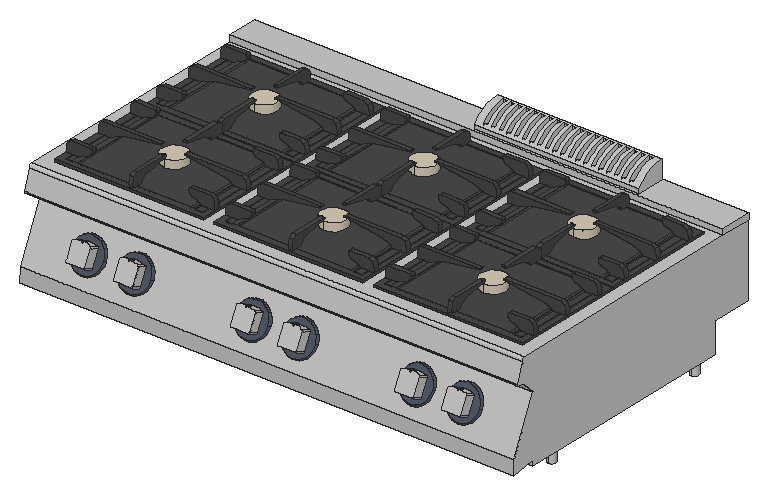
Revit family "QF_ZANUSSI_372150_Z7GCGL6C0A", category Specialty Equipment, Revit 2018
Family settings
  Round Connector Dimension = Use Diameter
  Part Type = Normal
  Work Plane-Based = No
  Always vertical = Yes
  Cut with Voids When Loaded = No
  Shared = No
  Room Calculation Point = No
Parameters (values of type "Standard")
  Weight = 60.00 kg
  Watts = 0 W
  Volts = 0 V
  URL Manufacturer = "http://www.zanussiprofessional.com"
  URL = "http://www.zanussiprofessional.com"
  Steam Supply Size = 0"
  Steam Supply Minimum Pressure = 0.00 psi
  Steam Supply Maximum Pressure = 0.00 psi
  Steam Pounds per Hour = 0
  Show Logo [instance] = yes
  Show Clearance [instance] = yes
  Refrigeration Suction Line Size = 0"
  Refrigeration Liquid Line Size = 0"
  Refrigerant Compressor Remote = yes
  Phase = 0
  Model = "Z7GCGL6C0A"
  Manufacturer = "Zanussi"
  Length Actual = 1200 mm  # constant formula
  Item Number = "372150"
  Hot Water Size = 0"
  Height Actual = 250 mm  # constant formula
  HP = "0 HP"
  Gas Size = 1/2"
  Gas KW = 33
  Gas Input Pressure = 1.10949 Btu/h
  Direct Waste Size = 0"
  Description = "6-BURNER GAS BOILING TOP 1200 MM (AGA)"
  Depth Actual = 700 mm  # constant formula
  Cycle = 0 Hz
  Condensate Return Size = 0"
  Compressed Air Volume = 0 GPM
  Compressed Air Size = 0"
  Compressed Air Pressure = 0.00 psi
  Cold Water Size = 0"
  Assembly Code = ""
  Accessory = yes
Reference planes
  plane 1 "BACK": y = 0
  plane 2: z = 0
  plane 3 "LEFT": x = 0
  plane 4 "RIGHT": x = 1200
  plane 5 "FRONT": y = -715
  plane 6 "TOP": z = 302.388
  plane 7 "Center Y": x = 600
  plane 8 "Center X": y = -357.5
  plane 9 "Base Height": z = 24
  plane 10: z = 274
  plane 11: z = 332
  plane 12 "panel": through (-6096, -654.982, 186.002) normal (0, -0.8956, 0.4448)
Forms (mm)
  Extrusion 1, solid, material "QF_Finishes_Stainless Steel"
    sketch origin (0, 0, 0) x (0, 1, 0) y (0, 0, 1)
      loop
        line (0, 98) -> (0, 274) -> (-679.358, 274)
        arc (-679.358, 274) -> (-684.643, 271.811) -> (-686.833, 266.526) r 7.474
        line (-686.833, 266.526) -> (-699.884, 221.011)
        arc (-699.884, 221.011) -> (-699.396, 218.379) -> (-697, 217.184) r 3
        line (-697, 217.184) -> (-686.802, 217.184) -> (-654.982, 185.364) -> (-715, 64.508) -> (-715, 29.508) -> (-658.645, 37.428)
        arc (-658.645, 37.428) -> (-656.101, 36.674) -> (-655, 34.259) r 3.2
        line (-655, 34.259) -> (-655, 24) -> (-103, 24) -> (-103, 98) -> (0, 98)
    from 0 to 1200
  Extrusion 2, solid, material "QF_Finishes_Stainless Steel"
    sketch origin (0, 0, 0) x (0, 1, 0) y (0, 0, 1)
      loop
        line (0, 274) -> (0, 288.1) -> (-76.2, 288.1) -> (-76.2, 274) -> (0, 274)
    from 0 to 1200
  Extrusion 3, solid, material "QF_Finishes_Stainless Steel"
    sketch origin (0, 0, 0) x (1, 0, 0) y (0, 1, 0)
      loop
        circle (11.112, -149.225) r 9.525
      loop
        circle (1188.888, -149.225) r 9.525
      loop
        circle (11.112, -583.488) r 9.525
      loop
        circle (1188.888, -583.488) r 9.525
    from 0 to 24
  Extrusion 4, solid, material "QF_Finishes_Stainless Steel"
    sketch origin (1200, -103.188, 23.813) x (-1, 0, 0) y (0, 0, 1)
      loop
        circle (100, 36.7) r 6.35
    from 0.188 to 26.988
  Extrusion 5, solid, material "QF_Finishes_Clearance", visible <- "Show Clearance", detail levels coarse
    sketch origin (0, 0, 0) x (1, 0, 0) y (0, 1, 0)
      loop
        line (0, -715) -> (0, 0) -> (1200, 0) -> (1200, -715) -> (1350, -715) -> (1350, 150) -> (-150, 150) -> (-150, -715) -> (0, -715)
    from 0 to 331.787
  Extrusion 6, solid, material "QF_Finishes_Stainless Steel"
    sketch origin (190, 0, 14.288) x (0, 1, 0) y (0, 0, 1)
      loop
        line (0, 273.813) -> (0, 317.712)
        arc (0, 317.712) -> (-39.115, 309.039) -> (-69.85, 283.337) r 84.578
        line (-69.85, 283.337) -> (-69.85, 273.813) -> (0, 273.813)
    from 400 to 800
  Extrusion 7, void
    sketch origin (224.989, 0, 288.925) x (-1, 0, 0) y (0, -1, 0)
      loop
        line (-392.079, 6.761) -> (-382.783, 6.761) -> (-382.783, 63.911) -> (-392.079, 63.911) -> (-392.079, 6.761)
      loop
        line (-410.772, 6.761) -> (-401.476, 6.761) -> (-401.476, 63.911) -> (-410.772, 63.911) -> (-410.772, 6.761)
      loop
        line (-429.464, 6.761) -> (-420.169, 6.761) -> (-420.169, 63.911) -> (-429.464, 63.911) -> (-429.464, 6.761)
      loop
        line (-448.157, 6.761) -> (-438.861, 6.761) -> (-438.861, 63.911) -> (-448.157, 63.911) -> (-448.157, 6.761)
      loop
        line (-466.849, 6.761) -> (-457.554, 6.761) -> (-457.554, 63.911) -> (-466.849, 63.911) -> (-466.849, 6.761)
      loop
        line (-485.542, 6.761) -> (-476.246, 6.761) -> (-476.246, 63.911) -> (-485.542, 63.911) -> (-485.542, 6.761)
      loop
        line (-504.235, 6.761) -> (-494.939, 6.761) -> (-494.939, 63.911) -> (-504.235, 63.911) -> (-504.235, 6.761)
      loop
        line (-522.927, 6.761) -> (-513.632, 6.761) -> (-513.632, 63.911) -> (-522.927, 63.911) -> (-522.927, 6.761)
      loop
        line (-541.62, 6.761) -> (-532.324, 6.761) -> (-532.324, 63.911) -> (-541.62, 63.911) -> (-541.62, 6.761)
      loop
        line (-560.313, 6.761) -> (-551.017, 6.761) -> (-551.017, 63.911) -> (-560.313, 63.911) -> (-560.313, 6.761)
      loop
        line (-579.005, 6.761) -> (-569.709, 6.761) -> (-569.709, 63.911) -> (-579.005, 63.911) -> (-579.005, 6.761)
      loop
        line (-597.698, 6.761) -> (-588.402, 6.761) -> (-588.402, 63.911) -> (-597.698, 63.911) -> (-597.698, 6.761)
      loop
        line (-616.39, 6.761) -> (-607.095, 6.761) -> (-607.095, 63.911) -> (-616.39, 63.911) -> (-616.39, 6.761)
      loop
        line (-635.083, 6.761) -> (-625.787, 6.761) -> (-625.787, 63.911) -> (-635.083, 63.911) -> (-635.083, 6.761)
      loop
        line (-653.776, 6.761) -> (-644.48, 6.761) -> (-644.48, 63.911) -> (-653.776, 63.911) -> (-653.776, 6.761)
      loop
        line (-672.468, 6.761) -> (-663.172, 6.761) -> (-663.172, 63.911) -> (-672.468, 63.911) -> (-672.468, 6.761)
      loop
        line (-691.161, 6.761) -> (-681.865, 6.761) -> (-681.865, 63.911) -> (-691.161, 63.911) -> (-691.161, 6.761)
      loop
        line (-709.853, 6.761) -> (-700.558, 6.761) -> (-700.558, 63.911) -> (-709.853, 63.911) -> (-709.853, 6.761)
      loop
        line (-728.546, 6.761) -> (-719.25, 6.761) -> (-719.25, 63.911) -> (-728.546, 63.911) -> (-728.546, 6.761)
      loop
        line (-747.239, 6.761) -> (-737.943, 6.761) -> (-737.943, 63.911) -> (-747.239, 63.911) -> (-747.239, 6.761)
    from 9.525 to 45.348
  Blend 8, solid, material "QF_Finishes_Navy Blue"
    base sketch origin (142.5, -684.991, 125.574) x (1, 0, 0) y (0, 0.444781, 0.895639)
      loop
        circle (0, 0) r 42.5
    top sketch origin (142.5, -684.991, 125.574) x (1, 0, 0) y (0, 0.444781, 0.895639)
      loop
        circle (0, 0) r 40.5
    from 0 to 5
  Extrusion 9, solid, material "QF_Finishes_Stainless Steel"
    sketch origin (142.5, -684.991, 125.574) x (1, 0, 0) y (0, 0.444781, 0.895639)
      loop
        arc (-21.147, 22.789) -> (-22.494, 21.685) -> (-23, 20.019) r 2.997
        line (-23, 20.019) -> (-23, -20.019)
        arc (-23, -20.019) -> (-22.122, -22.138) -> (-20.003, -23.016) r 2.997
        line (-20.003, -23.016) -> (20.003, -23.016)
        arc (20.003, -23.016) -> (22.122, -22.138) -> (23, -20.019) r 2.997
        line (23, -20.019) -> (23, 20.019)
        arc (23, 20.019) -> (22.494, 21.685) -> (21.147, 22.789) r 2.997
        arc (21.147, 22.789) -> (0, 26.984) -> (-21.147, 22.789) r 55.4
    from 10 to 34
  Extrusion 10, solid, material "QF_Plastic-Black-Matte"
    sketch origin (200, -684.991, 125.574) x (0, 0.444781, 0.895639) y (0, -0.895639, 0.444781)
      loop
        line (26.984, 34) -> (26.984, 19) -> (27.984, 19) -> (27.984, 34)
        arc (27.984, 34) -> (27.691, 34.707) -> (26.984, 35) r 1
        line (26.984, 35) -> (23.984, 35) -> (23.984, 34) -> (26.984, 34)
    from -58.5 to -56.5
  Extrusion 11, solid, material "QF_Finishes_Stainless Steel"
    sketch origin (142.5, -684.991, 125.574) x (1, 0, 0) y (0, 0.444781, 0.895639)
      loop
        line (17.5, 17.5) -> (-17.5, 17.5) -> (-17.5, -17.5) -> (17.5, -17.5) -> (17.5, 17.5)
    from 5 to 10
  Extrusion 12, solid, material "QF_Plastic-Black-Matte"
    sketch origin (200, -684.991, 125.574) x (0, 0.444781, 0.895639) y (0, 0.895639, -0.444781)
      loop
        line (26.984, -34) -> (23.984, -34) -> (23.984, -35) -> (26.984, -35)
        arc (26.984, -35) -> (27.691, -34.707) -> (27.984, -34) r 1
        line (27.984, -34) -> (27.984, -19) -> (26.984, -19) -> (26.984, -34)
    from -58.5 to -56.5
  Extrusion 13, solid, material "QF_Finishes_Stainless Steel"
    sketch origin (257.5, -684.991, 125.574) x (-1, 0, 0) y (0, -0.444781, -0.895639)
      loop
        line (17.5, -17.5) -> (17.5, 17.5) -> (-17.5, 17.5) -> (-17.5, -17.5) -> (17.5, -17.5)
    from 5 to 10
  Blend 14, solid, material "QF_Finishes_Navy Blue"
    base sketch origin (257.5, -684.991, 125.574) x (1, 0, 0) y (0, 0.444781, 0.895639)
      loop
        circle (0, 0) r 42.5
    top sketch origin (257.5, -684.991, 125.574) x (1, 0, 0) y (0, 0.444781, 0.895639)
      loop
        circle (0, 0) r 40.5
    from 0 to 5
  Extrusion 15, solid, material "QF_Finishes_Stainless Steel"
    sketch origin (257.5, -684.991, 125.574) x (-1, 0, 0) y (0, -0.444781, -0.895639)
      loop
        arc (-21.147, -22.789) -> (0, -26.984) -> (21.147, -22.789) r 55.4
        arc (21.147, -22.789) -> (22.494, -21.685) -> (23, -20.019) r 2.997
        line (23, -20.019) -> (23, 20.019)
        arc (23, 20.019) -> (22.122, 22.138) -> (20.003, 23.016) r 2.997
        line (20.003, 23.016) -> (-20.003, 23.016)
        arc (-20.003, 23.016) -> (-22.122, 22.138) -> (-23, 20.019) r 2.997
        line (-23, 20.019) -> (-23, -20.019)
        arc (-23, -20.019) -> (-22.494, -21.685) -> (-21.147, -22.789) r 2.997
    from 10 to 34
  Blend 16, solid, material "QF_Finishes_Navy Blue", not visible
    base sketch origin (-57.5, -728.449, 38.065) x (1, 0, 0) y (0, 0.444781, 0.895639)
      loop
        circle (0, 0) r 42.5
    top sketch origin (-57.5, -728.449, 38.065) x (1, 0, 0) y (0, 0.444781, 0.895639)
      loop
        circle (0, 0) r 40.5
    from 0 to 5
  Extrusion 17, solid, material "QF_Finishes_Stainless Steel", not visible
    sketch origin (-57.5, -728.449, 38.065) x (1, 0, 0) y (0, 0.444781, 0.895639)
      loop
        arc (-21.147, 22.789) -> (-22.494, 21.685) -> (-23, 20.019) r 2.997
        line (-23, 20.019) -> (-23, -20.019)
        arc (-23, -20.019) -> (-22.122, -22.138) -> (-20.003, -23.016) r 2.997
        line (-20.003, -23.016) -> (20.003, -23.016)
        arc (20.003, -23.016) -> (22.122, -22.138) -> (23, -20.019) r 2.997
        line (23, -20.019) -> (23, 20.019)
        arc (23, 20.019) -> (22.494, 21.685) -> (21.147, 22.789) r 2.997
        arc (21.147, 22.789) -> (0, 26.984) -> (-21.147, 22.789) r 55.4
    from 10 to 34
  Extrusion 18, solid, material "QF_Plastic-Black-Matte", not visible
    sketch origin (0, -728.449, 38.065) x (0, 0.444781, 0.895639) y (0, -0.895639, 0.444781)
      loop
        line (26.984, 34) -> (26.984, 19) -> (27.984, 19) -> (27.984, 34)
        arc (27.984, 34) -> (27.691, 34.707) -> (26.984, 35) r 1
        line (26.984, 35) -> (23.984, 35) -> (23.984, 34) -> (26.984, 34)
    from -58.5 to -56.5
  Extrusion 19, solid, material "QF_Finishes_Stainless Steel", not visible
    sketch origin (-57.5, -728.449, 38.065) x (1, 0, 0) y (0, 0.444781, 0.895639)
      loop
        line (17.5, 17.5) -> (-17.5, 17.5) -> (-17.5, -17.5) -> (17.5, -17.5) -> (17.5, 17.5)
    from 5 to 10
  Extrusion 20, solid, material "QF_Plastic-Black-Matte", not visible
    sketch origin (0, -728.449, 38.065) x (0, 0.444781, 0.895639) y (0, 0.895639, -0.444781)
      loop
        line (26.984, -34) -> (23.984, -34) -> (23.984, -35) -> (26.984, -35)
        arc (26.984, -35) -> (27.691, -34.707) -> (27.984, -34) r 1
        line (27.984, -34) -> (27.984, -19) -> (26.984, -19) -> (26.984, -34)
    from -58.5 to -56.5
  Extrusion 21, solid, material "QF_Finishes_Stainless Steel", not visible
    sketch origin (57.5, -728.449, 38.065) x (-1, 0, 0) y (0, -0.444781, -0.895639)
      loop
        line (17.5, -17.5) -> (17.5, 17.5) -> (-17.5, 17.5) -> (-17.5, -17.5) -> (17.5, -17.5)
    from 5 to 10
  Blend 22, solid, material "QF_Finishes_Navy Blue", not visible
    base sketch origin (57.5, -728.449, 38.065) x (1, 0, 0) y (0, 0.444781, 0.895639)
      loop
        circle (0, 0) r 42.5
    top sketch origin (57.5, -728.449, 38.065) x (1, 0, 0) y (0, 0.444781, 0.895639)
      loop
        circle (0, 0) r 40.5
    from 0 to 5
  Extrusion 23, solid, material "QF_Finishes_Stainless Steel", not visible
    sketch origin (57.5, -728.449, 38.065) x (-1, 0, 0) y (0, -0.444781, -0.895639)
      loop
        arc (-21.147, -22.789) -> (0, -26.984) -> (21.147, -22.789) r 55.4
        arc (21.147, -22.789) -> (22.494, -21.685) -> (23, -20.019) r 2.997
        line (23, -20.019) -> (23, 20.019)
        arc (23, 20.019) -> (22.122, 22.138) -> (20.003, 23.016) r 2.997
        line (20.003, 23.016) -> (-20.003, 23.016)
        arc (-20.003, 23.016) -> (-22.122, 22.138) -> (-23, 20.019) r 2.997
        line (-23, 20.019) -> (-23, -20.019)
        arc (-23, -20.019) -> (-22.494, -21.685) -> (-21.147, -22.789) r 2.997
    from 10 to 34
  Blend 24, solid, material "QF_Finishes_Navy Blue"
    base sketch origin (542.5, -684.991, 125.574) x (1, 0, 0) y (0, 0.444781, 0.895639)
      loop
        circle (0, 0) r 42.5
    top sketch origin (542.5, -684.991, 125.574) x (1, 0, 0) y (0, 0.444781, 0.895639)
      loop
        circle (0, 0) r 40.5
    from 0 to 5
  Extrusion 25, solid, material "QF_Finishes_Stainless Steel"
    sketch origin (542.5, -684.991, 125.574) x (1, 0, 0) y (0, 0.444781, 0.895639)
      loop
        arc (-21.147, 22.789) -> (-22.494, 21.685) -> (-23, 20.019) r 2.997
        line (-23, 20.019) -> (-23, -20.019)
        arc (-23, -20.019) -> (-22.122, -22.138) -> (-20.003, -23.016) r 2.997
        line (-20.003, -23.016) -> (20.003, -23.016)
        arc (20.003, -23.016) -> (22.122, -22.138) -> (23, -20.019) r 2.997
        line (23, -20.019) -> (23, 20.019)
        arc (23, 20.019) -> (22.494, 21.685) -> (21.147, 22.789) r 2.997
        arc (21.147, 22.789) -> (0, 26.984) -> (-21.147, 22.789) r 55.4
    from 10 to 34
  Extrusion 26, solid, material "QF_Plastic-Black-Matte"
    sketch origin (600, -684.991, 125.574) x (0, 0.444781, 0.895639) y (0, -0.895639, 0.444781)
      loop
        line (26.984, 34) -> (26.984, 19) -> (27.984, 19) -> (27.984, 34)
        arc (27.984, 34) -> (27.691, 34.707) -> (26.984, 35) r 1
        line (26.984, 35) -> (23.984, 35) -> (23.984, 34) -> (26.984, 34)
    from -58.5 to -56.5
  Extrusion 27, solid, material "QF_Finishes_Stainless Steel"
    sketch origin (542.5, -684.991, 125.574) x (1, 0, 0) y (0, 0.444781, 0.895639)
      loop
        line (17.5, 17.5) -> (-17.5, 17.5) -> (-17.5, -17.5) -> (17.5, -17.5) -> (17.5, 17.5)
    from 5 to 10
  Extrusion 28, solid, material "QF_Plastic-Black-Matte"
    sketch origin (600, -684.991, 125.574) x (0, 0.444781, 0.895639) y (0, 0.895639, -0.444781)
      loop
        line (26.984, -34) -> (23.984, -34) -> (23.984, -35) -> (26.984, -35)
        arc (26.984, -35) -> (27.691, -34.707) -> (27.984, -34) r 1
        line (27.984, -34) -> (27.984, -19) -> (26.984, -19) -> (26.984, -34)
    from -58.5 to -56.5
  Extrusion 29, solid, material "QF_Finishes_Stainless Steel"
    sketch origin (657.5, -684.991, 125.574) x (-1, 0, 0) y (0, -0.444781, -0.895639)
      loop
        line (17.5, -17.5) -> (17.5, 17.5) -> (-17.5, 17.5) -> (-17.5, -17.5) -> (17.5, -17.5)
    from 5 to 10
  Blend 30, solid, material "QF_Finishes_Navy Blue"
    base sketch origin (657.5, -684.991, 125.574) x (1, 0, 0) y (0, 0.444781, 0.895639)
      loop
        circle (0, 0) r 42.5
    top sketch origin (657.5, -684.991, 125.574) x (1, 0, 0) y (0, 0.444781, 0.895639)
      loop
        circle (0, 0) r 40.5
    from 0 to 5
  Extrusion 31, solid, material "QF_Finishes_Stainless Steel"
    sketch origin (657.5, -684.991, 125.574) x (-1, 0, 0) y (0, -0.444781, -0.895639)
      loop
        arc (-21.147, -22.789) -> (0, -26.984) -> (21.147, -22.789) r 55.4
        arc (21.147, -22.789) -> (22.494, -21.685) -> (23, -20.019) r 2.997
        line (23, -20.019) -> (23, 20.019)
        arc (23, 20.019) -> (22.122, 22.138) -> (20.003, 23.016) r 2.997
        line (20.003, 23.016) -> (-20.003, 23.016)
        arc (-20.003, 23.016) -> (-22.122, 22.138) -> (-23, 20.019) r 2.997
        line (-23, 20.019) -> (-23, -20.019)
        arc (-23, -20.019) -> (-22.494, -21.685) -> (-21.147, -22.789) r 2.997
    from 10 to 34
  Blend 32, solid, material "QF_Finishes_Navy Blue"
    base sketch origin (942.5, -684.991, 125.574) x (1, 0, 0) y (0, 0.444781, 0.895639)
      loop
        circle (0, 0) r 42.5
    top sketch origin (942.5, -684.991, 125.574) x (1, 0, 0) y (0, 0.444781, 0.895639)
      loop
        circle (0, 0) r 40.5
    from 0 to 5
  Extrusion 33, solid, material "QF_Finishes_Stainless Steel"
    sketch origin (942.5, -684.991, 125.574) x (1, 0, 0) y (0, 0.444781, 0.895639)
      loop
        arc (-21.147, 22.789) -> (-22.494, 21.685) -> (-23, 20.019) r 2.997
        line (-23, 20.019) -> (-23, -20.019)
        arc (-23, -20.019) -> (-22.122, -22.138) -> (-20.003, -23.016) r 2.997
        line (-20.003, -23.016) -> (20.003, -23.016)
        arc (20.003, -23.016) -> (22.122, -22.138) -> (23, -20.019) r 2.997
        line (23, -20.019) -> (23, 20.019)
        arc (23, 20.019) -> (22.494, 21.685) -> (21.147, 22.789) r 2.997
        arc (21.147, 22.789) -> (0, 26.984) -> (-21.147, 22.789) r 55.4
    from 10 to 34
  Extrusion 34, solid, material "QF_Plastic-Black-Matte"
    sketch origin (1000, -684.991, 125.574) x (0, 0.444781, 0.895639) y (0, -0.895639, 0.444781)
      loop
        line (26.984, 34) -> (26.984, 19) -> (27.984, 19) -> (27.984, 34)
        arc (27.984, 34) -> (27.691, 34.707) -> (26.984, 35) r 1
        line (26.984, 35) -> (23.984, 35) -> (23.984, 34) -> (26.984, 34)
    from -58.5 to -56.5
  Extrusion 35, solid, material "QF_Finishes_Stainless Steel"
    sketch origin (942.5, -684.991, 125.574) x (1, 0, 0) y (0, 0.444781, 0.895639)
      loop
        line (17.5, 17.5) -> (-17.5, 17.5) -> (-17.5, -17.5) -> (17.5, -17.5) -> (17.5, 17.5)
    from 5 to 10
  Extrusion 36, solid, material "QF_Plastic-Black-Matte"
    sketch origin (1000, -684.991, 125.574) x (0, 0.444781, 0.895639) y (0, 0.895639, -0.444781)
      loop
        line (26.984, -34) -> (23.984, -34) -> (23.984, -35) -> (26.984, -35)
        arc (26.984, -35) -> (27.691, -34.707) -> (27.984, -34) r 1
        line (27.984, -34) -> (27.984, -19) -> (26.984, -19) -> (26.984, -34)
    from -58.5 to -56.5
  Extrusion 37, solid, material "QF_Finishes_Stainless Steel"
    sketch origin (1057.5, -684.991, 125.574) x (-1, 0, 0) y (0, -0.444781, -0.895639)
      loop
        line (17.5, -17.5) -> (17.5, 17.5) -> (-17.5, 17.5) -> (-17.5, -17.5) -> (17.5, -17.5)
    from 5 to 10
  Blend 38, solid, material "QF_Finishes_Navy Blue"
    base sketch origin (1057.5, -684.991, 125.574) x (1, 0, 0) y (0, 0.444781, 0.895639)
      loop
        circle (0, 0) r 42.5
    top sketch origin (1057.5, -684.991, 125.574) x (1, 0, 0) y (0, 0.444781, 0.895639)
      loop
        circle (0, 0) r 40.5
    from 0 to 5
  Extrusion 39, solid, material "QF_Finishes_Stainless Steel"
    sketch origin (1057.5, -684.991, 125.574) x (-1, 0, 0) y (0, -0.444781, -0.895639)
      loop
        arc (-21.147, -22.789) -> (0, -26.984) -> (21.147, -22.789) r 55.4
        arc (21.147, -22.789) -> (22.494, -21.685) -> (23, -20.019) r 2.997
        line (23, -20.019) -> (23, 20.019)
        arc (23, 20.019) -> (22.122, 22.138) -> (20.003, 23.016) r 2.997
        line (20.003, 23.016) -> (-20.003, 23.016)
        arc (-20.003, 23.016) -> (-22.122, 22.138) -> (-23, 20.019) r 2.997
        line (-23, 20.019) -> (-23, -20.019)
        arc (-23, -20.019) -> (-22.494, -21.685) -> (-21.147, -22.789) r 2.997
    from 10 to 34
Cuts and joins
  Extrusion 7 cuts Extrusion 5
  Extrusion 7 cuts Extrusion 6
Lines and regions (mm)
  Split face 1
    outline origin (142.5, -689.469, 127.797) x (1, 0, 0) y (0, 0.444781, 0.895639)
      loop
        circle (-33, 0) r 3
  Split face 2
    outline origin (263.401, -689.469, 127.797) x (1, 0, 0) y (0, 0.444781, 0.895639)
      loop
        line (-8.901, 38.561) -> (-8.901, 28.561) -> (-2.901, 28.561) -> (-2.901, 38.561) -> (-8.901, 38.561)
  Split face 3
    outline origin (263.401, -689.469, 127.797) x (1, 0, 0) y (0, 0.444781, 0.895639)
      loop
        line (-8.401, 38.061) -> (-8.401, 29.061) -> (-3.401, 29.061) -> (-3.401, 38.061) -> (-8.401, 38.061)
  Split face 4
    outline origin (263.401, -689.469, 127.797) x (1, 0, 0) y (0, 0.444781, 0.895639)
      loop
        line (-8.401, 33.561) -> (-3.401, 33.561)
  Split face 5
    outline origin (263.401, -689.469, 127.797) x (1, 0, 0) y (0, 0.444781, 0.895639)
      loop
        line (-8.401, 33.061) -> (-3.401, 33.061)
  Split face 6
    outline origin (148.401, -689.469, 127.797) x (1, 0, 0) y (0, 0.444781, 0.895639)
      loop
        line (-8.901, 38.561) -> (-8.901, 28.561) -> (-2.901, 28.561) -> (-2.901, 38.561) -> (-8.901, 38.561)
  Split face 7
    outline origin (148.401, -689.469, 127.797) x (1, 0, 0) y (0, 0.444781, 0.895639)
      loop
        line (-8.401, 38.061) -> (-8.401, 29.061) -> (-3.401, 29.061) -> (-3.401, 38.061) -> (-8.401, 38.061)
  Split face 8
    outline origin (148.401, -689.469, 127.797) x (1, 0, 0) y (0, 0.444781, 0.895639)
      loop
        line (-8.401, 34.061) -> (-3.401, 34.061)
  Split face 9
    outline origin (148.401, -689.469, 127.797) x (1, 0, 0) y (0, 0.444781, 0.895639)
      loop
        line (-8.401, 33.561) -> (-3.401, 33.561)
  Split face 10
    outline origin (168.157, -675.159, 156.613) x (-1, 0, 0) y (0, -0.444781, -0.895639)
      loop
        circle (43.456, 61.543) r 1.5
  Split face 11
    outline origin (148.401, -689.469, 127.797) x (1, 0, 0) y (0, 0.444781, 0.895639)
      loop
        circle (-5.901, 31.311) r 2.029
  Split face 12
    outline origin (263.401, -689.469, 127.797) x (1, 0, 0) y (0, 0.444781, 0.895639)
      loop
        circle (-5.901, 35.811) r 2.031
  Split face 13
    outline origin (142.5, -689.469, 127.797) x (1, 0, 0) y (0, 0.444781, 0.895639)
      loop
        circle (-24.487, 26.694) r 3.497
  Split face 14
    outline origin (257.5, -689.469, 127.797) x (1, 0, 0) y (0, 0.444781, 0.895639)
      loop
        circle (-24.487, 26.694) r 3.497
  Split face 15
    outline origin (257.5, -689.469, 127.797) x (1, 0, 0) y (0, 0.444781, 0.895639)
      loop
        circle (-33, 0) r 3
  Split face 16
    outline origin (257.5, -689.469, 127.797) x (1, 0, 0) y (0, 0.444781, 0.895639)
      loop
        circle (-17.8, -29.371) r 1.5
  Split face 17
    outline origin (542.5, -689.469, 127.797) x (1, 0, 0) y (0, 0.444781, 0.895639)
      loop
        circle (-33, 0) r 3
  Split face 18
    outline origin (663.401, -689.469, 127.797) x (1, 0, 0) y (0, 0.444781, 0.895639)
      loop
        line (-8.901, 38.561) -> (-8.901, 28.561) -> (-2.901, 28.561) -> (-2.901, 38.561) -> (-8.901, 38.561)
  Split face 19
    outline origin (663.401, -689.469, 127.797) x (1, 0, 0) y (0, 0.444781, 0.895639)
      loop
        line (-8.401, 38.061) -> (-8.401, 29.061) -> (-3.401, 29.061) -> (-3.401, 38.061) -> (-8.401, 38.061)
  Split face 20
    outline origin (663.401, -689.469, 127.797) x (1, 0, 0) y (0, 0.444781, 0.895639)
      loop
        line (-8.401, 33.561) -> (-3.401, 33.561)
  Split face 21
    outline origin (663.401, -689.469, 127.797) x (1, 0, 0) y (0, 0.444781, 0.895639)
      loop
        line (-8.401, 33.061) -> (-3.401, 33.061)
  Split face 22
    outline origin (548.401, -689.469, 127.797) x (1, 0, 0) y (0, 0.444781, 0.895639)
      loop
        line (-8.901, 38.561) -> (-8.901, 28.561) -> (-2.901, 28.561) -> (-2.901, 38.561) -> (-8.901, 38.561)
  Split face 23
    outline origin (548.401, -689.469, 127.797) x (1, 0, 0) y (0, 0.444781, 0.895639)
      loop
        line (-8.401, 38.061) -> (-8.401, 29.061) -> (-3.401, 29.061) -> (-3.401, 38.061) -> (-8.401, 38.061)
  Split face 24
    outline origin (548.401, -689.469, 127.797) x (1, 0, 0) y (0, 0.444781, 0.895639)
      loop
        line (-8.401, 34.061) -> (-3.401, 34.061)
  Split face 25
    outline origin (548.401, -689.469, 127.797) x (1, 0, 0) y (0, 0.444781, 0.895639)
      loop
        line (-8.401, 33.561) -> (-3.401, 33.561)
  Split face 26
    outline origin (568.157, -675.159, 156.613) x (-1, 0, 0) y (0, -0.444781, -0.895639)
      loop
        circle (43.456, 61.543) r 1.5
  Split face 27
    outline origin (548.401, -689.469, 127.797) x (1, 0, 0) y (0, 0.444781, 0.895639)
      loop
        circle (-5.901, 31.311) r 2.029
  Split face 28
    outline origin (663.401, -689.469, 127.797) x (1, 0, 0) y (0, 0.444781, 0.895639)
      loop
        circle (-5.901, 35.811) r 2.031
  Split face 29
    outline origin (542.5, -689.469, 127.797) x (1, 0, 0) y (0, 0.444781, 0.895639)
      loop
        circle (-24.487, 26.694) r 3.497
  Split face 30
    outline origin (657.5, -689.469, 127.797) x (1, 0, 0) y (0, 0.444781, 0.895639)
      loop
        circle (-24.487, 26.694) r 3.497
  Split face 31
    outline origin (657.5, -689.469, 127.797) x (1, 0, 0) y (0, 0.444781, 0.895639)
      loop
        circle (-33, 0) r 3
  Split face 32
    outline origin (657.5, -689.469, 127.797) x (1, 0, 0) y (0, 0.444781, 0.895639)
      loop
        circle (-17.8, -29.371) r 1.5
  Split face 33
    outline origin (942.5, -689.469, 127.797) x (1, 0, 0) y (0, 0.444781, 0.895639)
      loop
        circle (-33, 0) r 3
  Split face 34
    outline origin (1063.401, -689.469, 127.797) x (1, 0, 0) y (0, 0.444781, 0.895639)
      loop
        line (-8.901, 38.561) -> (-8.901, 28.561) -> (-2.901, 28.561) -> (-2.901, 38.561) -> (-8.901, 38.561)
  Split face 35
    outline origin (1063.401, -689.469, 127.797) x (1, 0, 0) y (0, 0.444781, 0.895639)
      loop
        line (-8.401, 38.061) -> (-8.401, 29.061) -> (-3.401, 29.061) -> (-3.401, 38.061) -> (-8.401, 38.061)
  Split face 36
    outline origin (1063.401, -689.469, 127.797) x (1, 0, 0) y (0, 0.444781, 0.895639)
      loop
        line (-8.401, 33.561) -> (-3.401, 33.561)
  Split face 37
    outline origin (1063.401, -689.469, 127.797) x (1, 0, 0) y (0, 0.444781, 0.895639)
      loop
        line (-8.401, 33.061) -> (-3.401, 33.061)
  Split face 38
    outline origin (948.401, -689.469, 127.797) x (1, 0, 0) y (0, 0.444781, 0.895639)
      loop
        line (-8.901, 38.561) -> (-8.901, 28.561) -> (-2.901, 28.561) -> (-2.901, 38.561) -> (-8.901, 38.561)
  Split face 39
    outline origin (948.401, -689.469, 127.797) x (1, 0, 0) y (0, 0.444781, 0.895639)
      loop
        line (-8.401, 38.061) -> (-8.401, 29.061) -> (-3.401, 29.061) -> (-3.401, 38.061) -> (-8.401, 38.061)
  Split face 40
    outline origin (948.401, -689.469, 127.797) x (1, 0, 0) y (0, 0.444781, 0.895639)
      loop
        line (-8.401, 34.061) -> (-3.401, 34.061)
  Split face 41
    outline origin (948.401, -689.469, 127.797) x (1, 0, 0) y (0, 0.444781, 0.895639)
      loop
        line (-8.401, 33.561) -> (-3.401, 33.561)
  Split face 42
    outline origin (968.157, -675.159, 156.613) x (-1, 0, 0) y (0, -0.444781, -0.895639)
      loop
        circle (43.456, 61.543) r 1.5
  Split face 43
    outline origin (948.401, -689.469, 127.797) x (1, 0, 0) y (0, 0.444781, 0.895639)
      loop
        circle (-5.901, 31.311) r 2.029
  Split face 44
    outline origin (1063.401, -689.469, 127.797) x (1, 0, 0) y (0, 0.444781, 0.895639)
      loop
        circle (-5.901, 35.811) r 2.031
  Split face 45
    outline origin (942.5, -689.469, 127.797) x (1, 0, 0) y (0, 0.444781, 0.895639)
      loop
        circle (-24.487, 26.694) r 3.497
  Split face 46
    outline origin (1057.5, -689.469, 127.797) x (1, 0, 0) y (0, 0.444781, 0.895639)
      loop
        circle (-24.487, 26.694) r 3.497
  Split face 47
    outline origin (1057.5, -689.469, 127.797) x (1, 0, 0) y (0, 0.444781, 0.895639)
      loop
        circle (-33, 0) r 3
  Split face 48
    outline origin (1057.5, -689.469, 127.797) x (1, 0, 0) y (0, 0.444781, 0.895639)
      loop
        circle (-17.8, -29.371) r 1.5
  symbolic lines
    curve 1: line (0, 0, 0) -> (0, -715.129, 0)
    curve 2: line (1200, 0, 0) -> (0, 0, 0)
    curve 3: line (1200, -715.129, 0) -> (1200, 0, 0)
    curve 4: line (0, -76.2, 0) -> (1200, -76.2, 0)
    curve 5: line (0, -69.85, 0) -> (1200, -69.85, 0)
    curve 9: line (607.772, -63.911, 0) -> (607.772, -6.761, 0)
    curve 10: line (607.772, -6.761, 0) -> (617.068, -6.761, 0)
    curve 11: line (617.068, -6.761, 0) -> (617.068, -63.911, 0)
    curve 12: line (617.068, -63.911, 0) -> (607.772, -63.911, 0)
    curve 13: line (626.465, -63.911, 0) -> (626.465, -6.761, 0)
    curve 14: line (626.465, -6.761, 0) -> (635.761, -6.761, 0)
    curve 15: line (635.761, -6.761, 0) -> (635.761, -63.911, 0)
    curve 16: line (635.761, -63.911, 0) -> (626.465, -63.911, 0)
    curve 17: line (645.158, -63.911, 0) -> (645.158, -6.761, 0)
    curve 18: line (645.158, -6.761, 0) -> (654.453, -6.761, 0)
    curve 19: line (654.453, -6.761, 0) -> (654.453, -63.911, 0)
    curve 20: line (654.453, -63.911, 0) -> (645.158, -63.911, 0)
    curve 21: line (663.85, -63.911, 0) -> (663.85, -6.761, 0)
    curve 22: line (663.85, -6.761, 0) -> (673.146, -6.761, 0)
    curve 23: line (673.146, -6.761, 0) -> (673.146, -63.911, 0)
    curve 24: line (673.146, -63.911, 0) -> (663.85, -63.911, 0)
    curve 25: line (682.543, -63.911, 0) -> (682.543, -6.761, 0)
    curve 26: line (682.543, -6.761, 0) -> (691.839, -6.761, 0)
    curve 27: line (691.839, -6.761, 0) -> (691.839, -63.911, 0)
    curve 28: line (691.839, -63.911, 0) -> (682.543, -63.911, 0)
    curve 29: line (701.235, -63.911, 0) -> (701.235, -6.761, 0)
    curve 30: line (701.235, -6.761, 0) -> (710.531, -6.761, 0)
    curve 31: line (710.531, -6.761, 0) -> (710.531, -63.911, 0)
    curve 32: line (710.531, -63.911, 0) -> (701.235, -63.911, 0)
    curve 33: line (719.928, -63.911, 0) -> (719.928, -6.761, 0)
    curve 34: line (719.928, -6.761, 0) -> (729.224, -6.761, 0)
    curve 35: line (729.224, -6.761, 0) -> (729.224, -63.911, 0)
    curve 36: line (729.224, -63.911, 0) -> (719.928, -63.911, 0)
    curve 37: line (738.621, -63.911, 0) -> (738.621, -6.761, 0)
    curve 38: line (738.621, -6.761, 0) -> (747.916, -6.761, 0)
    curve 39: line (747.916, -6.761, 0) -> (747.916, -63.911, 0)
    curve 40: line (747.916, -63.911, 0) -> (738.621, -63.911, 0)
    curve 41: line (757.313, -63.911, 0) -> (757.313, -6.761, 0)
    curve 42: line (757.313, -6.761, 0) -> (766.609, -6.761, 0)
    curve 43: line (766.609, -6.761, 0) -> (766.609, -63.911, 0)
    curve 44: line (766.609, -63.911, 0) -> (757.313, -63.911, 0)
    curve 45: line (776.006, -63.911, 0) -> (776.006, -6.761, 0)
    curve 46: line (776.006, -6.761, 0) -> (785.302, -6.761, 0)
    curve 47: line (785.302, -6.761, 0) -> (785.302, -63.911, 0)
    curve 48: line (785.302, -63.911, 0) -> (776.006, -63.911, 0)
    curve 49: line (794.698, -63.911, 0) -> (794.698, -6.761, 0)
    curve 50: line (794.698, -6.761, 0) -> (803.994, -6.761, 0)
    curve 51: line (803.994, -6.761, 0) -> (803.994, -63.911, 0)
    curve 52: line (803.994, -63.911, 0) -> (794.698, -63.911, 0)
    curve 53: line (813.391, -63.911, 0) -> (813.391, -6.761, 0)
    curve 54: line (813.391, -6.761, 0) -> (822.687, -6.761, 0)
    curve 55: line (822.687, -6.761, 0) -> (822.687, -63.911, 0)
    curve 56: line (822.687, -63.911, 0) -> (813.391, -63.911, 0)
    curve 57: line (832.084, -63.911, 0) -> (832.084, -6.761, 0)
    curve 58: line (832.084, -6.761, 0) -> (841.379, -6.761, 0)
    curve 59: line (841.379, -6.761, 0) -> (841.379, -63.911, 0)
    curve 60: line (841.379, -63.911, 0) -> (832.084, -63.911, 0)
    curve 61: line (962.932, -63.911, 0) -> (962.932, -6.761, 0)
    curve 62: line (962.932, -6.761, 0) -> (972.228, -6.761, 0)
    curve 63: line (972.228, -6.761, 0) -> (972.228, -63.911, 0)
    curve 64: line (972.228, -63.911, 0) -> (962.932, -63.911, 0)
    curve 65: line (944.239, -63.911, 0) -> (944.239, -6.761, 0)
    curve 66: line (944.239, -6.761, 0) -> (953.535, -6.761, 0)
    curve 67: line (953.535, -6.761, 0) -> (953.535, -63.911, 0)
    curve 68: line (953.535, -63.911, 0) -> (944.239, -63.911, 0)
    curve 69: line (925.547, -63.911, 0) -> (925.547, -6.761, 0)
    curve 70: line (925.547, -6.761, 0) -> (934.842, -6.761, 0)
    curve 71: line (934.842, -6.761, 0) -> (934.842, -63.911, 0)
    curve 72: line (934.842, -63.911, 0) -> (925.547, -63.911, 0)
    curve 73: line (906.854, -63.911, 0) -> (906.854, -6.761, 0)
    curve 74: line (906.854, -6.761, 0) -> (916.15, -6.761, 0)
    curve 75: line (916.15, -6.761, 0) -> (916.15, -63.911, 0)
    curve 76: line (916.15, -63.911, 0) -> (906.854, -63.911, 0)
    curve 77: line (888.161, -63.911, 0) -> (888.161, -6.761, 0)
    curve 78: line (888.161, -6.761, 0) -> (897.457, -6.761, 0)
    curve 79: line (897.457, -6.761, 0) -> (897.457, -63.911, 0)
    curve 80: line (897.457, -63.911, 0) -> (888.161, -63.911, 0)
    curve 81: line (869.469, -63.911, 0) -> (869.469, -6.761, 0)
    curve 82: line (869.469, -6.761, 0) -> (878.765, -6.761, 0)
    curve 83: line (878.765, -6.761, 0) -> (878.765, -63.911, 0)
    curve 84: line (878.765, -63.911, 0) -> (869.469, -63.911, 0)
    curve 85: line (850.776, -63.911, 0) -> (850.776, -6.761, 0)
    curve 86: line (850.776, -6.761, 0) -> (860.072, -6.761, 0)
    curve 87: line (860.072, -6.761, 0) -> (860.072, -63.911, 0)
    curve 88: line (860.072, -63.911, 0) -> (850.776, -63.911, 0)
    curve 89: line (0, -700, 0) -> (1200.05, -700, 0)
    curve 90: line (119.525, -700, 0) -> (119.525, -724.347, 0)
    curve 91: arc (119.525, -724.347, 0) -> (119.671, -724.811, 0) -> (120.057, -725.107, 0) r 0.809
    curve 92: arc (120.057, -725.107, 0) -> (121.245, -725.587, 0) -> (122.522, -725.68, 0) r 4.127
    curve 93: arc (119.525, -704.292, 0) -> (114.484, -702.458, 0) -> (109.716, -700, 0) r 42.24
    curve 94: arc (119.525, -706.539, 0) -> (120.027, -705.818, 0) -> (120.824, -705.448, 0) r 1.682
    curve 95: arc (120.824, -705.448, 0) -> (131.127, -703.95, 0) -> (141.525, -703.441, 0) r 109.079
    curve 96: line (141.525, -700, 0) -> (141.525, -705.671, 0)
    curve 97: line (141.525, -705.671, 0) -> (143.525, -705.671, 0)
    curve 98: line (143.525, -705.671, 0) -> (143.525, -700, 0)
    curve 99: line (165.525, -700, 0) -> (165.525, -724.347, 0)
    curve 100: arc (165.525, -724.347, 0) -> (165.379, -724.811, 0) -> (164.993, -725.107, 0) r 0.809
    curve 101: arc (164.993, -725.107, 0) -> (163.805, -725.587, 0) -> (162.528, -725.68, 0) r 4.127
    curve 102: arc (165.525, -704.292, 0) -> (170.566, -702.458, 0) -> (175.334, -700, 0) r 42.24
    curve 103: arc (165.525, -706.539, 0) -> (165.023, -705.818, 0) -> (164.226, -705.448, 0) r 1.682
    curve 104: arc (164.226, -705.448, 0) -> (153.923, -703.95, 0) -> (143.525, -703.441, 0) r 109.079
    curve 105: line (122.522, -725.68, 0) -> (162.528, -725.68, 0)
    curve 106: line (280.525, -700, 0) -> (280.525, -724.347, 0)
    curve 107: arc (280.525, -724.347, 0) -> (280.379, -724.811, 0) -> (279.993, -725.107, 0) r 0.809
    curve 108: arc (279.993, -725.107, 0) -> (278.805, -725.587, 0) -> (277.528, -725.68, 0) r 4.127
    curve 109: arc (280.525, -704.292, 0) -> (285.566, -702.458, 0) -> (290.334, -700, 0) r 42.24
    curve 110: arc (280.525, -706.539, 0) -> (280.023, -705.818, 0) -> (279.226, -705.448, 0) r 1.682
    curve 111: arc (279.226, -705.448, 0) -> (268.923, -703.95, 0) -> (258.525, -703.441, 0) r 109.079
    curve 112: line (258.525, -700, 0) -> (258.525, -705.671, 0)
    curve 113: line (258.525, -705.671, 0) -> (256.525, -705.671, 0)
    curve 114: line (256.525, -705.671, 0) -> (256.525, -700, 0)
    curve 115: line (234.525, -700, 0) -> (234.525, -724.347, 0)
    curve 116: arc (234.525, -724.347, 0) -> (234.671, -724.811, 0) -> (235.057, -725.107, 0) r 0.809
    curve 117: arc (235.057, -725.107, 0) -> (236.245, -725.587, 0) -> (237.522, -725.68, 0) r 4.127
    curve 118: arc (234.525, -704.292, 0) -> (229.484, -702.458, 0) -> (224.716, -700, 0) r 42.24
    curve 119: arc (234.525, -706.539, 0) -> (235.027, -705.818, 0) -> (235.824, -705.448, 0) r 1.682
    curve 120: arc (235.824, -705.448, 0) -> (246.127, -703.95, 0) -> (256.525, -703.441, 0) r 109.079
    curve 121: line (277.528, -725.68, 0) -> (237.522, -725.68, 0)
    curve 122: line (165.525, -715, 0) -> (234.525, -715, 0)
    curve 123: line (280.525, -715, 0) -> (519.525, -715, 0)
    curve 124: line (0, -715, 0) -> (119.525, -715, 0)
    curve 125: line (519.525, -700, 0) -> (519.525, -724.347, 0)
    curve 126: arc (519.525, -724.347, 0) -> (519.671, -724.811, 0) -> (520.057, -725.107, 0) r 0.809
    curve 127: arc (520.057, -725.107, 0) -> (521.245, -725.587, 0) -> (522.522, -725.68, 0) r 4.127
    curve 128: arc (519.525, -704.292, 0) -> (514.484, -702.458, 0) -> (509.716, -700, 0) r 42.24
    curve 129: arc (519.525, -706.539, 0) -> (520.027, -705.818, 0) -> (520.824, -705.448, 0) r 1.682
    curve 130: arc (520.824, -705.448, 0) -> (531.127, -703.95, 0) -> (541.525, -703.441, 0) r 109.079
    curve 131: line (541.525, -700, 0) -> (541.525, -705.671, 0)
    curve 132: line (541.525, -705.671, 0) -> (543.525, -705.671, 0)
    curve 133: line (543.525, -705.671, 0) -> (543.525, -700, 0)
    curve 134: line (565.525, -700, 0) -> (565.525, -724.347, 0)
    curve 135: arc (565.525, -724.347, 0) -> (565.379, -724.811, 0) -> (564.993, -725.107, 0) r 0.809
    curve 136: arc (564.993, -725.107, 0) -> (563.805, -725.587, 0) -> (562.528, -725.68, 0) r 4.127
    curve 137: arc (565.525, -704.292, 0) -> (570.566, -702.458, 0) -> (575.334, -700, 0) r 42.24
    curve 138: arc (565.525, -706.539, 0) -> (565.023, -705.818, 0) -> (564.226, -705.448, 0) r 1.682
    curve 139: arc (564.226, -705.448, 0) -> (553.923, -703.95, 0) -> (543.525, -703.441, 0) r 109.079
    curve 140: line (522.522, -725.68, 0) -> (562.528, -725.68, 0)
    curve 141: line (680.525, -700, 0) -> (680.525, -724.347, 0)
    curve 142: arc (680.525, -724.347, 0) -> (680.379, -724.811, 0) -> (679.993, -725.107, 0) r 0.809
    curve 143: arc (679.993, -725.107, 0) -> (678.805, -725.587, 0) -> (677.528, -725.68, 0) r 4.127
    curve 144: arc (680.525, -704.292, 0) -> (685.566, -702.458, 0) -> (690.334, -700, 0) r 42.24
    curve 145: arc (680.525, -706.539, 0) -> (680.023, -705.818, 0) -> (679.226, -705.448, 0) r 1.682
    curve 146: arc (679.226, -705.448, 0) -> (668.923, -703.95, 0) -> (658.525, -703.441, 0) r 109.079
    curve 147: line (658.525, -700, 0) -> (658.525, -705.671, 0)
    curve 148: line (658.525, -705.671, 0) -> (656.525, -705.671, 0)
    curve 149: line (656.525, -705.671, 0) -> (656.525, -700, 0)
    curve 150: line (634.525, -700, 0) -> (634.525, -724.347, 0)
    curve 151: arc (634.525, -724.347, 0) -> (634.671, -724.811, 0) -> (635.057, -725.107, 0) r 0.809
    curve 152: arc (635.057, -725.107, 0) -> (636.245, -725.587, 0) -> (637.522, -725.68, 0) r 4.127
    curve 153: arc (634.525, -704.292, 0) -> (629.484, -702.458, 0) -> (624.716, -700, 0) r 42.24
    curve 154: arc (634.525, -706.539, 0) -> (635.027, -705.818, 0) -> (635.824, -705.448, 0) r 1.682
    curve 155: arc (635.824, -705.448, 0) -> (646.127, -703.95, 0) -> (656.525, -703.441, 0) r 109.079
    curve 156: line (677.528, -725.68, 0) -> (637.522, -725.68, 0)
    curve 157: line (565.525, -715, 0) -> (634.525, -715, 0)
    curve 158: line (680.525, -715, 0) -> (920.525, -715, 0)
    curve 159: line (919.525, -700, 0) -> (919.525, -724.347, 0)
    curve 160: arc (919.525, -724.347, 0) -> (919.671, -724.811, 0) -> (920.057, -725.107, 0) r 0.809
    curve 161: arc (920.057, -725.107, 0) -> (921.245, -725.587, 0) -> (922.522, -725.68, 0) r 4.127
    curve 162: arc (919.525, -704.292, 0) -> (914.484, -702.458, 0) -> (909.716, -700, 0) r 42.24
    curve 163: arc (919.525, -706.539, 0) -> (920.027, -705.818, 0) -> (920.824, -705.448, 0) r 1.682
    curve 164: arc (920.824, -705.448, 0) -> (931.127, -703.95, 0) -> (941.525, -703.441, 0) r 109.079
    curve 165: line (941.525, -700, 0) -> (941.525, -705.671, 0)
    curve 166: line (941.525, -705.671, 0) -> (943.525, -705.671, 0)
    curve 167: line (943.525, -705.671, 0) -> (943.525, -700, 0)
    curve 168: line (965.525, -700, 0) -> (965.525, -724.347, 0)
    curve 169: arc (965.525, -724.347, 0) -> (965.379, -724.811, 0) -> (964.993, -725.107, 0) r 0.809
    curve 170: arc (964.993, -725.107, 0) -> (963.805, -725.587, 0) -> (962.528, -725.68, 0) r 4.127
    curve 171: arc (965.525, -704.292, 0) -> (970.566, -702.458, 0) -> (975.334, -700, 0) r 42.24
    curve 172: arc (965.525, -706.539, 0) -> (965.023, -705.818, 0) -> (964.226, -705.448, 0) r 1.682
    curve 173: arc (964.226, -705.448, 0) -> (953.923, -703.95, 0) -> (943.525, -703.441, 0) r 109.079
    curve 174: line (922.522, -725.68, 0) -> (962.528, -725.68, 0)
    curve 175: line (1080.525, -700, 0) -> (1080.525, -724.347, 0)
    curve 176: arc (1080.525, -724.347, 0) -> (1080.379, -724.811, 0) -> (1079.993, -725.107, 0) r 0.809
    curve 177: arc (1079.993, -725.107, 0) -> (1078.805, -725.587, 0) -> (1077.528, -725.68, 0) r 4.127
    curve 178: arc (1080.525, -704.292, 0) -> (1085.566, -702.458, 0) -> (1090.334, -700, 0) r 42.24
    curve 179: arc (1080.525, -706.539, 0) -> (1080.023, -705.818, 0) -> (1079.226, -705.448, 0) r 1.682
    curve 180: arc (1079.226, -705.448, 0) -> (1068.923, -703.95, 0) -> (1058.525, -703.441, 0) r 109.079
    curve 181: line (1058.525, -700, 0) -> (1058.525, -705.671, 0)
    curve 182: line (1058.525, -705.671, 0) -> (1056.525, -705.671, 0)
    curve 183: line (1056.525, -705.671, 0) -> (1056.525, -700, 0)
    curve 184: line (1034.525, -700, 0) -> (1034.525, -724.347, 0)
    curve 185: arc (1034.525, -724.347, 0) -> (1034.671, -724.811, 0) -> (1035.057, -725.107, 0) r 0.809
    curve 186: arc (1035.057, -725.107, 0) -> (1036.245, -725.587, 0) -> (1037.522, -725.68, 0) r 4.127
    curve 187: arc (1034.525, -704.292, 0) -> (1029.484, -702.458, 0) -> (1024.716, -700, 0) r 42.24
    curve 188: arc (1034.525, -706.539, 0) -> (1035.027, -705.818, 0) -> (1035.824, -705.448, 0) r 1.682
    curve 189: arc (1035.824, -705.448, 0) -> (1046.127, -703.95, 0) -> (1056.525, -703.441, 0) r 109.079
    curve 190: line (1077.528, -725.68, 0) -> (1037.522, -725.68, 0)
    curve 191: line (965.525, -715, 0) -> (1034.525, -715, 0)
    curve 192: line (1080.525, -715, 0) -> (1200.05, -715, 0)
    curve 193: line (0, -686.833, 0) -> (1200, -686.833, 0)
  symbolic lines, style "QF-Clearances", visible <- "Show Clearance", detail levels coarse
    curve 6: line (-150, -715, 0) -> (-150, 150, 0)
    curve 7: line (-150, 150, 0) -> (1350, 150, 0)
    curve 8: line (1350, 150, 0) -> (1350, -715, 0)
Dimensions and locks
  equal spacing: plane 3 "LEFT", plane 7 "Center Y", plane 4 "RIGHT"
  plane 3 "LEFT" to plane 4 "RIGHT" = 1200 mm
  equal spacing: plane 5 "FRONT", plane 8 "Center X", plane 1 "BACK"
  plane 5 "FRONT" to plane 1 "BACK" = 715 mm
  plane 9 "Base Height" to level = 24 mm
  plane 10 to plane 9 "Base Height" = 250 mm
  plane 6 "TOP" to plane 10 = 28.388 mm
  plane 11 to level = 332 mm
  curve 89 to cut or joined group of Extrusion 5, Extrusion 7 = 700 mm
  plane 10 to plane 9 "Base Height" to level = 250 mm, 24 mm
  aligned and locked: level to plane 2
Automatic sketch dimensions
  Extrusion 2 sketch curve to plane 10 = 0 mm
  Extrusion 2 sketch curve to plane 1 "BACK" = 0 mm
  Extrusion 2 sketch curve to plane 6 "TOP" = 14.287 mm
  plane 1 "BACK" to Extrusion 2 sketch curve = 76.2 mm
  Extrusion 3 sketch curve to Extrusion 3 sketch curve = 0 mm  (x8)
  plane 3 "LEFT" to Extrusion 3 sketch curve = 11.112 mm  (x2)
  Extrusion 3 sketch curve to plane 4 "RIGHT" = 11.112 mm  (x2)
  Extrusion 3 sketch curve to plane 5 "FRONT" = 121.987 mm  (x2)
  Extrusion 3 sketch curve to Extrusion 3 sketch curve = 9.525 mm  (x4)
  plane 1 "BACK" to Extrusion 3 sketch curve = 158.75 mm  (x2)
  plane 5 "FRONT" to Extrusion 5 sketch curve = 0 mm  (x2)
  plane 1 "BACK" to Extrusion 5 sketch curve = 0 mm
  Extrusion 5 sketch curve to plane 3 "LEFT" = 0 mm
  Extrusion 5 sketch curve to plane 4 "RIGHT" = 0 mm
  Extrusion 5 sketch curve to plane 3 "LEFT" = 150 mm
  plane 4 "RIGHT" to Extrusion 5 sketch curve = 150 mm
  Extrusion 5 sketch curve to plane 1 "BACK" = 150 mm
  Extrusion 6 sketch curve to plane 1 "BACK" = 0 mm
  Extrusion 6 sketch curve to plane 11 = 0 mm
  plane 1 "BACK" to Extrusion 6 sketch curve = 1.769 mm
  Extrusion 6 sketch curve to plane 6 "TOP" = 4.763 mm
  plane 1 "BACK" to Extrusion 6 sketch curve = 69.85 mm
  Extrusion 6 sketch curve to plane 6 "TOP" = 14.287 mm
  plane 1 "BACK" to Extrusion 7 sketch curve = 63.911 mm  (x2)
  Extrusion 7 sketch curve to plane 4 "RIGHT" = 227.772 mm
  Extrusion 7 sketch curve to Extrusion 7 sketch curve = 9.296 mm  (x19)
  Extrusion 7 sketch curve to Extrusion 7 sketch curve = 9.397 mm  (x19)
  plane 7 "Center Y" to Extrusion 7 sketch curve = 7.772 mm
  Extrusion 7 sketch curve to Extrusion 7 sketch curve = 0 mm  (x18)
  plane 1 "BACK" to Extrusion 7 sketch curve = 6.761 mm  (x20)
  plane 5 "FRONT" to curve 6 = 0 mm
  curve 1 to plane 3 "LEFT" = 0 mm
  plane 5 "FRONT" to curve 8 = 0 mm
  plane 1 "BACK" to curve 2 = 0 mm
  curve 6 to plane 3 "LEFT" = 150 mm
  plane 7 "Center Y" to curve 12 = 7.772 mm
  curve 10 to curve 10 = 9.296 mm
  curve 10 to curve 14 = 9.397 mm
  curve 13 to curve 15 = 9.296 mm
  curve 15 to curve 20 = 9.397 mm
  curve 17 to curve 19 = 9.296 mm
  curve 18 to curve 21 = 9.397 mm
  curve 21 to curve 23 = 9.296 mm
  curve 23 to curve 25 = 9.397 mm
  curve 25 to curve 28 = 9.296 mm
  curve 27 to curve 29 = 9.397 mm
  curve 29 to curve 31 = 9.296 mm
  curve 31 to curve 36 = 9.397 mm
  curve 36 to curve 36 = 9.296 mm
  curve 35 to curve 40 = 9.397 mm
  curve 37 to curve 39 = 9.296 mm
  curve 38 to curve 41 = 9.397 mm
  curve 41 to curve 43 = 9.296 mm
  curve 43 to curve 45 = 9.397 mm
  curve 45 to curve 48 = 9.296 mm
  curve 46 to curve 50 = 9.397 mm
  curve 49 to curve 51 = 9.296 mm
  curve 50 to curve 53 = 9.397 mm
  curve 53 to curve 54 = 9.296 mm
  curve 54 to curve 58 = 9.397 mm
  curve 57 to curve 60 = 9.296 mm
  curve 59 to curve 85 = 9.397 mm
  curve 85 to curve 87 = 9.296 mm
  curve 87 to curve 84 = 9.397 mm
  curve 81 to curve 83 = 9.296 mm
  curve 83 to curve 80 = 9.397 mm
  curve 77 to curve 78 = 9.296 mm
  curve 78 to curve 74 = 9.397 mm
  curve 73 to curve 75 = 9.296 mm
  curve 75 to curve 72 = 9.397 mm
  curve 69 to curve 71 = 9.296 mm
  curve 71 to curve 65 = 9.397 mm
  curve 65 to curve 66 = 9.296 mm
  curve 66 to curve 61 = 9.397 mm
  curve 61 to curve 63 = 9.296 mm
  plane 4 "RIGHT" to curve 8 = 150 mm
  plane 1 "BACK" to curve 4 = 76.2 mm
  curve 4 to curve 5 = 6.35 mm
  plane 1 "BACK" to curve 85 = 63.911 mm
  curve 87 to curve 84 = 0 mm
  curve 83 to curve 80 = 0 mm
  plane 1 "BACK" to curve 9 = 63.911 mm
  curve 79 to curve 76 = 0 mm
  curve 11 to curve 13 = 0 mm
  curve 75 to curve 72 = 0 mm
  curve 15 to curve 17 = 0 mm
  curve 71 to curve 68 = 0 mm
  curve 19 to curve 21 = 0 mm
  curve 67 to curve 64 = 0 mm
  curve 23 to curve 25 = 0 mm
  curve 60 to curve 85 = 0 mm
  curve 27 to curve 29 = 0 mm
  curve 56 to curve 57 = 0 mm
  curve 31 to curve 33 = 0 mm
  curve 52 to curve 53 = 0 mm
  curve 35 to curve 37 = 0 mm
  curve 48 to curve 49 = 0 mm
  curve 39 to curve 41 = 0 mm
  plane 1 "BACK" to curve 43 = 6.761 mm
  plane 1 "BACK" to curve 45 = 6.761 mm
  plane 1 "BACK" to curve 39 = 6.761 mm
  plane 1 "BACK" to curve 49 = 6.761 mm
  plane 1 "BACK" to curve 35 = 6.761 mm
  plane 1 "BACK" to curve 53 = 6.761 mm
  plane 1 "BACK" to curve 31 = 6.761 mm
  plane 1 "BACK" to curve 57 = 6.761 mm
  plane 1 "BACK" to curve 27 = 6.761 mm
  plane 1 "BACK" to curve 61 = 6.761 mm
  plane 1 "BACK" to curve 23 = 6.761 mm
  plane 1 "BACK" to curve 65 = 6.761 mm
  plane 1 "BACK" to curve 19 = 6.761 mm
  plane 1 "BACK" to curve 69 = 6.761 mm
  plane 1 "BACK" to curve 15 = 6.761 mm
  plane 1 "BACK" to curve 73 = 6.761 mm
  plane 1 "BACK" to curve 11 = 6.761 mm
  plane 1 "BACK" to curve 77 = 6.761 mm
  plane 1 "BACK" to curve 87 = 6.761 mm
  plane 1 "BACK" to curve 81 = 6.761 mm
  curve 7 to plane 1 "BACK" = 150 mm
  plane 9 "Base Height" to Extrusion 4 sketch curve = 36.513 mm
  Extrusion 4 sketch curve to plane 4 "RIGHT" = 100 mm
  Extrusion 9 sketch curve to Extrusion 9 sketch curve = 2.997 mm  (x4)
  Extrusion 9 sketch curve to Extrusion 9 sketch curve = 20.003 mm  (x2)
  Extrusion 9 sketch curve to Extrusion 9 sketch curve = 5.399 mm
  Extrusion 9 sketch curve to Extrusion 9 sketch curve = 40.037 mm
  Extrusion 9 sketch curve to Extrusion 9 sketch curve = 0 mm  (x2)
  Extrusion 10 sketch curve to Extrusion 10 sketch curve = 3 mm
  Extrusion 10 sketch curve to Extrusion 10 sketch curve = 0 mm  (x2)
  Extrusion 10 sketch curve to Extrusion 10 sketch curve = 1 mm
  Extrusion 10 sketch curve to Extrusion 10 sketch curve = 15 mm
  Extrusion 11 sketch curve to Extrusion 11 sketch curve = 35 mm  (x2)
  Extrusion 12 sketch curve to Extrusion 12 sketch curve = 3 mm
  Extrusion 12 sketch curve to Extrusion 12 sketch curve = 0 mm
  Extrusion 12 sketch curve to Extrusion 12 sketch curve = 1 mm  (x2)
  Extrusion 12 sketch curve to Extrusion 12 sketch curve = 15 mm
  Extrusion 13 sketch curve to Extrusion 13 sketch curve = 35 mm  (x2)
  Extrusion 15 sketch curve to Extrusion 15 sketch curve = 2.997 mm  (x4)
  Extrusion 15 sketch curve to Extrusion 15 sketch curve = 20.003 mm  (x2)
  Extrusion 15 sketch curve to Extrusion 15 sketch curve = 0 mm  (x2)
  Extrusion 15 sketch curve to Extrusion 15 sketch curve = 40.037 mm
  Extrusion 15 sketch curve to Extrusion 15 sketch curve = 5.399 mm
  Split face 2 sketch curve to Split face 2 sketch curve = 6 mm
  Split face 2 sketch curve to Split face 2 sketch curve = 10 mm
  Split face 3 sketch curve to Split face 3 sketch curve = 5 mm
  Split face 3 sketch curve to Split face 3 sketch curve = 9 mm
  Split face 4 sketch curve to Split face 4 sketch curve = 5 mm
  Split face 5 sketch curve to Split face 5 sketch curve = 5 mm
  Split face 6 sketch curve to Split face 6 sketch curve = 6 mm
  Split face 6 sketch curve to Split face 6 sketch curve = 10 mm
  Split face 7 sketch curve to Split face 7 sketch curve = 5 mm
  Split face 7 sketch curve to Split face 7 sketch curve = 9 mm
  Split face 8 sketch curve to Split face 8 sketch curve = 5 mm
  Split face 9 sketch curve to Split face 9 sketch curve = 5 mm
  Extrusion 17 sketch curve to Extrusion 17 sketch curve = 2.997 mm  (x4)
  Extrusion 17 sketch curve to Extrusion 17 sketch curve = 20.003 mm  (x2)
  Extrusion 17 sketch curve to Extrusion 17 sketch curve = 5.399 mm
  Extrusion 17 sketch curve to Extrusion 17 sketch curve = 40.037 mm
  Extrusion 17 sketch curve to Extrusion 17 sketch curve = 0 mm  (x2)
  Extrusion 18 sketch curve to Extrusion 18 sketch curve = 3 mm
  Extrusion 18 sketch curve to Extrusion 18 sketch curve = 0 mm  (x2)
  Extrusion 18 sketch curve to Extrusion 18 sketch curve = 1 mm
  Extrusion 18 sketch curve to Extrusion 18 sketch curve = 15 mm
  Extrusion 19 sketch curve to Extrusion 19 sketch curve = 35 mm  (x2)
  Extrusion 20 sketch curve to Extrusion 20 sketch curve = 3 mm
  Extrusion 20 sketch curve to Extrusion 20 sketch curve = 0 mm
  Extrusion 20 sketch curve to Extrusion 20 sketch curve = 1 mm  (x2)
  Extrusion 20 sketch curve to Extrusion 20 sketch curve = 15 mm
  Extrusion 21 sketch curve to Extrusion 21 sketch curve = 35 mm  (x2)
  Extrusion 23 sketch curve to Extrusion 23 sketch curve = 2.997 mm  (x4)
  Extrusion 23 sketch curve to Extrusion 23 sketch curve = 20.003 mm  (x2)
  Extrusion 23 sketch curve to Extrusion 23 sketch curve = 0 mm  (x2)
  Extrusion 23 sketch curve to Extrusion 23 sketch curve = 40.037 mm
  Extrusion 23 sketch curve to Extrusion 23 sketch curve = 5.399 mm
  Extrusion 25 sketch curve to Extrusion 25 sketch curve = 2.997 mm  (x4)
  Extrusion 25 sketch curve to Extrusion 25 sketch curve = 20.003 mm  (x2)
  Extrusion 25 sketch curve to Extrusion 25 sketch curve = 5.399 mm
  Extrusion 25 sketch curve to Extrusion 25 sketch curve = 40.037 mm
  Extrusion 25 sketch curve to Extrusion 25 sketch curve = 0 mm  (x2)
  Extrusion 26 sketch curve to Extrusion 26 sketch curve = 3 mm
  Extrusion 26 sketch curve to Extrusion 26 sketch curve = 0 mm  (x2)
  Extrusion 26 sketch curve to Extrusion 26 sketch curve = 1 mm
  Extrusion 26 sketch curve to Extrusion 26 sketch curve = 15 mm
  Extrusion 27 sketch curve to Extrusion 27 sketch curve = 35 mm  (x2)
  Extrusion 28 sketch curve to Extrusion 28 sketch curve = 3 mm
  Extrusion 28 sketch curve to Extrusion 28 sketch curve = 0 mm
  Extrusion 28 sketch curve to Extrusion 28 sketch curve = 1 mm  (x2)
  Extrusion 28 sketch curve to Extrusion 28 sketch curve = 15 mm
  Extrusion 29 sketch curve to Extrusion 29 sketch curve = 35 mm  (x2)
  Extrusion 31 sketch curve to Extrusion 31 sketch curve = 2.997 mm  (x4)
  Extrusion 31 sketch curve to Extrusion 31 sketch curve = 20.003 mm  (x2)
  Extrusion 31 sketch curve to Extrusion 31 sketch curve = 0 mm  (x2)
  Extrusion 31 sketch curve to Extrusion 31 sketch curve = 40.037 mm
  Extrusion 31 sketch curve to Extrusion 31 sketch curve = 5.399 mm
  Split face 18 sketch curve to Split face 18 sketch curve = 6 mm
  Split face 18 sketch curve to Split face 18 sketch curve = 10 mm
  Split face 19 sketch curve to Split face 19 sketch curve = 5 mm
  Split face 19 sketch curve to Split face 19 sketch curve = 9 mm
  Split face 20 sketch curve to Split face 20 sketch curve = 5 mm
  Split face 21 sketch curve to Split face 21 sketch curve = 5 mm
  Split face 22 sketch curve to Split face 22 sketch curve = 6 mm
  Split face 22 sketch curve to Split face 22 sketch curve = 10 mm
  Split face 23 sketch curve to Split face 23 sketch curve = 5 mm
  Split face 23 sketch curve to Split face 23 sketch curve = 9 mm
  Split face 24 sketch curve to Split face 24 sketch curve = 5 mm
  Split face 25 sketch curve to Split face 25 sketch curve = 5 mm
  Extrusion 33 sketch curve to Extrusion 33 sketch curve = 2.997 mm  (x4)
  Extrusion 33 sketch curve to Extrusion 33 sketch curve = 20.003 mm  (x2)
  Extrusion 33 sketch curve to Extrusion 33 sketch curve = 5.399 mm
  Extrusion 33 sketch curve to Extrusion 33 sketch curve = 40.037 mm
  Extrusion 33 sketch curve to Extrusion 33 sketch curve = 0 mm  (x2)
  Extrusion 34 sketch curve to Extrusion 34 sketch curve = 3 mm
  Extrusion 34 sketch curve to Extrusion 34 sketch curve = 0 mm  (x2)
  Extrusion 34 sketch curve to Extrusion 34 sketch curve = 1 mm
  Extrusion 34 sketch curve to Extrusion 34 sketch curve = 15 mm
  Extrusion 35 sketch curve to Extrusion 35 sketch curve = 35 mm  (x2)
  Extrusion 36 sketch curve to Extrusion 36 sketch curve = 3 mm
